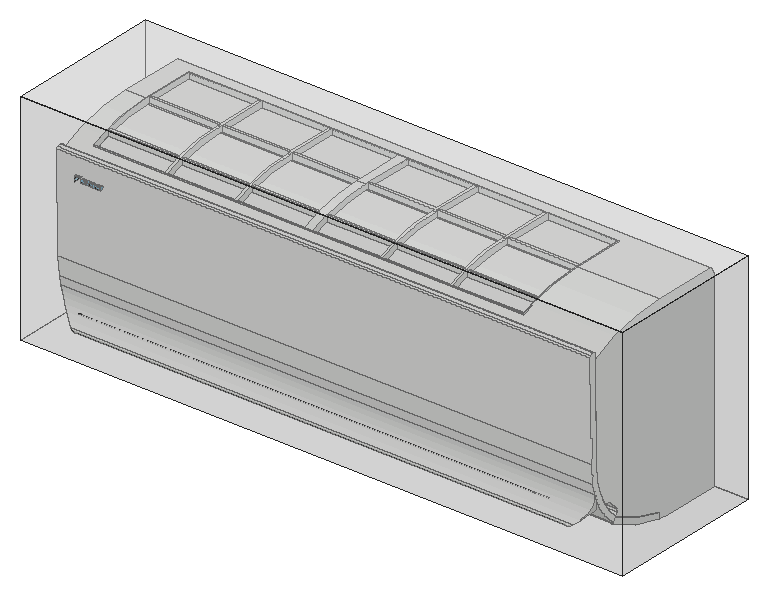
Revit family "outputfile", category 機械設備, Revit 2024
Family settings
  丸型コネクタ寸法 = 半径を使用
  パーツ タイプ = 標準
  OmniClass 番号 = 23.75.10.24.21.27.27
  OmniClass タイトル = Split System Air Conditioning Units
  作業面ベース = いいえ
  常に垂直 = はい
  ロード時にボイドで切り取り = いいえ
  注釈の向きを維持 = いいえ
  共有 = いいえ
  部屋計算ポイント = いいえ
Parameters (values of type "FTKQ24XV2S")
  Description = ""
  製造元 = "Daikin"
  書き出し IFC クラス(タイプ) = "IfcUnitaryEquipmentType"
  定義済み IFC タイプ(タイプ) = "AIRCONDITIONINGUNIT"
  Cost = 0
  モデル = "FTKQ24XV2S"
  Type Comments = ""
  Keynote = ""
  Type Image = (empty or 0)
  Assembly Code = ""
  switch_frequency = yes
  r_Liquid Pipe Size = Liquid Pipe Size / 2  # 3.2 mm
  r_Gas Pipe Size = Gas Pipe Size / 2  # 6.35 mm
  r_Drain Pipe Size = Drain Pipe Size / 2  # 8.0 mm
  lw_powersupply [instance] = if(or(Right Connection_refrigerant, Left Connection_refrigerant), 348.0 mm, if(or(Rear Right Connection_refrigerant, Bottom Right Connection_refrigerant), 30.0 mm, 740.0 mm))  # 348.0 mm
  lw_liquidpipe [instance] = if(or(Right Connection_refrigerant, Left Connection_refrigerant), 433.0 mm, if(or(Rear Right Connection_refrigerant, Bottom Right Connection_refrigerant), 40.0 mm, 730.0 mm))  # 433.0 mm
  lw_gaspipe [instance] = if(or(Right Connection_refrigerant, Left Connection_refrigerant), 393.0 mm, if(or(Rear Right Connection_refrigerant, Bottom Right Connection_refrigerant), 55.0 mm, 715.0 mm))  # 393.0 mm
  lw_drainpipe [instance] = if(or(Right Connection_refrigerant, Left Connection_refrigerant), 488.0 mm, if(or(Rear Right Connection_refrigerant, Bottom Right Connection_refrigerant), 55.0 mm, 715.0 mm))  # 488.0 mm
  l_powersupply_length [instance] = if(Right Connection_refrigerant, 348.0 mm, if(Left Connection_refrigerant, 422.0 mm, if(or(Rear Left Connection_refrigerant, Rear Right Connection_refrigerant), 20.0 mm, 50.0 mm)))  # 348.0 mm
  l_liquidpipe_length [instance] = if(Right Connection_refrigerant, 433.0 mm, if(Left Connection_refrigerant, 337.0 mm, if(or(Rear Left Connection_refrigerant, Rear Right Connection_refrigerant), 40.0 mm, 35.0 mm)))  # 433.0 mm
  l_gaspipe_length [instance] = if(Right Connection_refrigerant, 393.0 mm, if(Left Connection_refrigerant, 377.0 mm, if(or(Rear Left Connection_refrigerant, Rear Right Connection_refrigerant), 40.0 mm, 50.0 mm)))  # 393.0 mm
  l_drainpipe_length [instance] = if(Right Connection_refrigerant, 488.0 mm, if(Left Connection_refrigerant, 282.0 mm, if(or(Rear Left Connection_refrigerant, Rear Right Connection_refrigerant), 20.0 mm, 25.0 mm)))  # 488.0 mm
  h*** = 0.0 mm  # constant formula
  connector_voltage = Voltage_50Hz  # 220 V
  connector_powerinput = [Power Input (Cooling)]  # 0.000 kW
  connector_phase = Phase_50Hz  # 1
  angle_vertical [instance] = if(or(Bottom Left Connection_refrigerant, Bottom Right Connection_refrigerant), 0.00°, 90.00°)  # 90.00°
  angle_horizontal [instance] = if(Right Connection_refrigerant, 90.00°, if(Left Connection_refrigerant, -90.00°, if(or(Rear Left Connection_refrigerant, Rear Right Connection_refrigerant), 180.00°, 0.00°)))  # 90.00°
  Width = 770.0 mm
  Voltage_comment_50Hz = "220 - 240"
  Voltage_50Hz = 220 V
  Version = "ver.1.0"
  Unit Type = "Wall Mounted"
  Unit Mass Weight = 9.00 kg
  Unit Designation [instance] = ""
  Uniclass2015Version = "Products v1.30"
  Uniclass2015Title = "Split coil room air conditioning units"
  Uniclass2015Code = "Pr_70_65_03_86"
  URL = ""
  Total Cooling Capacity [instance] = 0.000 kW
  Sound Pressure Level_M speed (dBA) = 42
  Sound Pressure Level_L speed (dBA) = 37
  Sound Pressure Level_H speed (dBA) = 45
  Sound Power Level_H speed (dB) = 0
  Series = "Single Split_Fan Coil Unit"
  Sensible Cooling Capacity [instance] = 0.000 kW
  Refrigerant Type = "R32"
  Power Input (Cooling) = 0.000 kW
  Phase_50Hz = 1
  Option Accessory 3 [instance] = ""
  Option Accessory 2 [instance] = ""
  Option Accessory 1 [instance] = ""
  Nominal Cooling Capacity = 6.000 kW
  Minimum Circuit Amps_50Hz = 0.0 A
  Minimum Airflow = 588.00 m³/h
  Median Airflow = 690.00 m³/h
  Maximum Fuse Amps_50Hz = 0.0 A
  Maximum Airflow = 816.00 m³/h
  Material_Casing = DAIKIN_PureWhite_Casing_indoorunit
  Load Classification = HVAC
  Liquid Pipe Size = 6.4 mm
  Link_Nested Family [instance] = ""
  IfcVersion = ""
  IfcExportType = "AIRCONDITIONINGUNIT"
  IfcExportAs = "IfcUnitaryEquipmentType"
  Height = 285.0 mm
  Heat Exchanger Type = "Cross Fin Coil"
  Gas Pipe Size = 12.7 mm
  Frequency_50Hz = 50 Hz
  Fan Type = "Cross Flow Fan"
  Fan Drive = "Direct Drive"
  FCU Tag No. [instance] = ""
  Drain Pipe Size = 16.0 mm
  Design Supply Airflow [instance] = 0.00 m³/h
  Depth = 226.0 mm
  既定の高さ = 0.0 mm
  Cooling Entering Wet Bulb Temperature [instance] = 0.00 °C
  Cooling Entering Dry Bulb Temperature [instance] = 0.00 °C
  Cooling Ambient Wet Bulb Temperature [instance] = 0.00 °C
  Cooling Ambient Dry Bulb Temperature [instance] = 0.00 °C
  Clearance visibility [instance] = yes
  Clearance Top = 30.0 mm
  Clearance Right = 50.0 mm
  Clearance Rear = 0.0 mm
  Clearance Left = 50.0 mm
  Clearance Front = 0.0 mm
  Clearance Bottom = 0.0 mm
  Bottom Right Connection_refrigerant [instance] = no
  Bottom Left Connection_refrigerant [instance] = no
  Rear Right Connection_refrigerant [instance] = no
  Rear Left Connection_refrigerant [instance] = no
  Right Connection_refrigerant [instance] = yes
  Left Connection_refrigerant [instance] = no
Reference planes
  plane 1 "Back": y = 0
  plane 2: z = 0
  plane 3 "Center (Left/Right)": x = 0
  plane 4: y = -133
  plane 5: y = -266
  plane 6 "Left": x = -385
  plane 7 "Right": x = 385
  plane 8 "Top": z = 0
  plane 9: y = 0
  plane 10: z = -285
  plane 11 "Clearance Front": y = -226
  plane 12 "Bottom": z = -285
  plane 13: z = -285
  plane 14: z = 30
  plane 15 "Front": y = -226
  plane 16 "Clearance Rear": y = 0
  plane 17: x = -8
  plane 18: x = -48
  plane 19: x = -103
  plane 20: y = -40
  plane 21: y = -20
  plane 22: x = 37
  plane 23: x = -435
  plane 24: x = 435
  plane 25: x = 337
Forms (mm)
  Extrusion 1, solid, material "DAIKIN_PureWhite_Casing_indoorunit" <- "Material_Casing", not visible
    sketch origin (-379, 1296.25, 1210) x (0, 1, 0) y (0, 0, 1)
      loop
        line (-1296.25, -1427) -> (-1326.25, -1427)
        arc (-1326.25, -1427) -> (-1340.393, -1432.858) -> (-1346.25, -1447) r 20
        line (-1346.25, -1447) -> (-1346.25, -1467)
        arc (-1346.25, -1467) -> (-1340.393, -1481.142) -> (-1326.25, -1487) r 20
        line (-1326.25, -1487) -> (-1296.25, -1487) -> (-1296.25, -1427)
    from 759 to 764
  Extrusion 2, solid, material "DAIKIN_PureWhite_Casing_indoorunit" <- "Material_Casing"
    sketch origin (-495, 1156.25, 1200) x (0, 1, 0) y (0, 0, 1)
      loop
        line (-1156.25, -1485) -> (-1156.25, -1208.5) -> (-1161.25, -1200) -> (-1254.25, -1200)
        arc (-1254.25, -1200) -> (-1314.413, -1207.347) -> (-1371.039, -1228.956) r 250
        arc (-1371.039, -1228.956) -> (-1370.963, -1294.87) -> (-1368.901, -1360.751) r 2186.827
        arc (-1368.901, -1360.751) -> (-1367.931, -1373.599) -> (-1366.216, -1386.369) r 221.844
        arc (-1366.216, -1386.369) -> (-1361.341, -1405) -> (-1353.083, -1422.397) r 103
        line (-1353.083, -1422.397) -> (-1345.22, -1422.397)
        arc (-1345.22, -1422.397) -> (-1343.826, -1422.741) -> (-1342.751, -1423.693) r 3
        arc (-1342.751, -1423.693) -> (-1337.001, -1431.196) -> (-1330.533, -1438.09) r 95
        arc (-1330.533, -1438.09) -> (-1329.645, -1439.831) -> (-1330.018, -1441.749) r 3
        line (-1330.018, -1441.749) -> (-1332.498, -1446.044)
        arc (-1332.498, -1446.044) -> (-1295.066, -1463.723) -> (-1255.079, -1474.437) r 231
        arc (-1255.079, -1474.437) -> (-1254.485, -1474.778) -> (-1254.25, -1475.422) r 1
        line (-1254.25, -1475.422) -> (-1254.25, -1483.703)
        arc (-1254.25, -1483.703) -> (-1250.776, -1484.245) -> (-1247.294, -1484.736) r 240
        arc (-1247.294, -1484.736) -> (-1245.313, -1484.934) -> (-1243.323, -1485) r 30
        line (-1243.323, -1485) -> (-1156.25, -1485)
    from 110 to 880
  Extrusion 3, solid, material "DAIKIN_PureWhite_Casing_indoorunit" <- "Material_Casing"
    sketch origin (-622.601, -1524, -230) x (-1, 0, 0) y (0, -1, 0)
      loop
        line (-996.615, -1494) -> (-996.615, -1524) -> (-936.615, -1524) -> (-936.615, -1494)
        arc (-936.615, -1494) -> (-942.473, -1479.858) -> (-956.615, -1474) r 20
        line (-956.615, -1474) -> (-976.615, -1474)
        arc (-976.615, -1474) -> (-990.757, -1479.858) -> (-996.615, -1494) r 20
      loop
        arc (-248.601, -1494) -> (-254.459, -1479.858) -> (-268.601, -1474) r 20
        line (-268.601, -1474) -> (-288.601, -1474)
        arc (-288.601, -1474) -> (-302.743, -1479.858) -> (-308.601, -1494) r 20
        line (-308.601, -1494) -> (-308.601, -1524) -> (-248.601, -1524) -> (-248.601, -1494)
    from -55 to -50
  Extrusion 4, solid, material "DAIKIN_PureWhite_Casing_indoorunit" <- "Material_Casing"
    sketch origin (0, 0, 10) x (1, 0, 0) y (0, 0, 1)
      loop
        circle (337, -250.5) r 32.5
      loop
        circle (-337, -250.5) r 32.5
    from 0 to 5
  Extrusion 5, solid, material "DAIKIN_PureWhite_Casing_indoorunit" <- "Material_Casing"
    sketch origin (489, 1296.25, 1210) x (0, 1, 0) y (0, 0, -1)
      loop
        line (-1296.25, 1427) -> (-1296.25, 1487) -> (-1326.25, 1487)
        arc (-1326.25, 1487) -> (-1340.393, 1481.142) -> (-1346.25, 1467) r 20
        line (-1346.25, 1467) -> (-1346.25, 1447)
        arc (-1346.25, 1447) -> (-1340.393, 1432.858) -> (-1326.25, 1427) r 20
        line (-1326.25, 1427) -> (-1296.25, 1427)
    from 869 to 874
  Extrusion 6, solid, material "DAIKIN_PureWhite_Casing_indoorunit" <- "Material_Casing"
    sketch origin (-385, 1156.25, 1200) x (0, 1, 0) y (0, 0, 1)
      loop
        arc (-1374.103, -1387.706) -> (-1361.832, -1423.213) -> (-1338.419, -1452.594) r 111
        arc (-1338.419, -1452.594) -> (-1337.834, -1452.764) -> (-1337.333, -1452.419) r 0.709
        line (-1337.333, -1452.419) -> (-1334.084, -1446.792)
        arc (-1334.084, -1446.792) -> (-1333.962, -1446.14) -> (-1334.274, -1445.556) r 1
        arc (-1334.274, -1445.556) -> (-1355.212, -1418.643) -> (-1366.216, -1386.369) r 103
        arc (-1366.216, -1386.369) -> (-1367.931, -1373.599) -> (-1368.901, -1360.751) r 221.844
        arc (-1368.901, -1360.751) -> (-1370.989, -1293.222) -> (-1370.99, -1225.661) r 2186.827
        arc (-1370.99, -1225.661) -> (-1370.93, -1221.937) -> (-1370.863, -1218.213) r 2192
        arc (-1370.863, -1218.213) -> (-1371.146, -1217.637) -> (-1371.78, -1217.535) r 0.7
        line (-1371.78, -1217.535) -> (-1377.538, -1219.406)
        arc (-1377.538, -1219.406) -> (-1378.425, -1219.99) -> (-1378.887, -1220.946) r 2
        arc (-1378.887, -1220.946) -> (-1379.035, -1290.894) -> (-1376.907, -1360.81) r 2149.92
        arc (-1376.907, -1360.81) -> (-1375.901, -1374.299) -> (-1374.103, -1387.706) r 229.911
    from 0 to 770
  Extrusion 7, solid, material "DAIKIN_PureWhite_Casing_indoorunit" <- "Material_Casing"
    sketch origin (-385, 1156.25, 1200) x (0, 1, 0) y (0, 0, 1)
      loop
        arc (-1336.569, -1454.09) -> (-1297.525, -1472.406) -> (-1255.834, -1483.439) r 240
        arc (-1255.834, -1483.439) -> (-1255.428, -1483.328) -> (-1255.25, -1482.946) r 0.5
        line (-1255.25, -1482.946) -> (-1255.25, -1475.422)
        arc (-1255.25, -1475.422) -> (-1295.171, -1464.749) -> (-1332.564, -1447.164) r 232
        arc (-1332.564, -1447.164) -> (-1332.945, -1447.112) -> (-1333.249, -1447.346) r 0.5
        line (-1333.249, -1447.346) -> (-1336.741, -1453.393)
        arc (-1336.741, -1453.393) -> (-1336.802, -1453.778) -> (-1336.569, -1454.09) r 0.5
    from 0 to 770
  Extrusion 8, solid, material "DAIKIN_PureWhite_Casing_indoorunit" <- "Material_Casing"
    sketch origin (-385, 1156.25, 1200) x (0, 1, 0) y (0, 0, 1)
      loop
        arc (-1371.046, -1401.088) -> (-1370.514, -1423.975) -> (-1381.552, -1444.032) r 44
        arc (-1381.552, -1444.032) -> (-1382.188, -1446.32) -> (-1380.625, -1448.108) r 2.5
        arc (-1380.625, -1448.108) -> (-1367.897, -1451.601) -> (-1354.751, -1452.778) r 74
        line (-1354.751, -1452.778) -> (-1338.211, -1452.778)
        arc (-1338.211, -1452.778) -> (-1358.264, -1429.242) -> (-1371.046, -1401.088) r 111
    from 0 to 770
  Extrusion 9, solid, material "DAIKIN_PureWhite_Casing_indoorunit" <- "Material_Casing"
    sketch origin (-385, 1156.25, 1200) x (0, 1, 0) y (0, 0, 1)
      loop
        line (-1254.32, -1208) -> (-1177.85, -1208) -> (-1177.85, -1200) -> (-1254.25, -1200)
        arc (-1254.25, -1200) -> (-1302.879, -1204.775) -> (-1349.65, -1218.918) r 250
        line (-1349.65, -1218.918) -> (-1349.65, -1227.568)
        arc (-1349.65, -1227.568) -> (-1302.979, -1212.942) -> (-1254.32, -1208) r 242
    from 29.359 to 650.764
  Extrusion 10, void
    sketch origin (-385, 1156.25, 1200) x (0, 1, 0) y (0, 0, 1)
      loop
        line (-1349.65, -1215.676) -> (-1349.65, -1227.568)
        arc (-1349.65, -1227.568) -> (-1302.979, -1212.942) -> (-1254.32, -1208) r 242
        line (-1254.32, -1208) -> (-1177.85, -1208) -> (-1177.85, -1197) -> (-1254.25, -1197)
        arc (-1254.25, -1197) -> (-1302.856, -1201.713) -> (-1349.65, -1215.676) r 253
    from 29.359 to 650.764
  Extrusion 11, void
    sketch origin (-610.615, -1524, -240) x (-1, 0, 0) y (0, -1, 0)
      loop
        line (-255.68, -1501.684) -> (-255.68, -1432.659) -> (-357.948, -1432.659) -> (-357.948, -1501.684) -> (-255.68, -1501.684)
      loop
        line (-361.28, -1501.684) -> (-361.28, -1432.659) -> (-459.048, -1432.659) -> (-459.048, -1501.684) -> (-361.28, -1501.684)
      loop
        line (-255.68, -1429.341) -> (-255.68, -1358.741) -> (-357.948, -1358.741) -> (-357.948, -1429.341) -> (-255.68, -1429.341)
      loop
        line (-255.68, -1356.618) -> (-255.68, -1331.319) -> (-357.948, -1331.319) -> (-357.948, -1356.618) -> (-255.68, -1356.618)
      loop
        line (-361.274, -1429.341) -> (-361.274, -1358.741) -> (-459.048, -1358.741) -> (-459.048, -1429.341) -> (-361.274, -1429.341)
      loop
        line (-361.274, -1356.618) -> (-361.274, -1331.319) -> (-459.048, -1331.319) -> (-459.048, -1356.618) -> (-361.274, -1356.618)
      loop
        line (-462.312, -1501.684) -> (-462.312, -1432.659) -> (-559.622, -1432.659) -> (-559.622, -1501.684) -> (-462.312, -1501.684)
      loop
        line (-462.306, -1429.341) -> (-462.306, -1358.741) -> (-559.622, -1358.741) -> (-559.622, -1429.341) -> (-462.306, -1429.341)
      loop
        line (-462.306, -1356.618) -> (-462.306, -1331.319) -> (-559.622, -1331.319) -> (-559.622, -1356.618) -> (-462.306, -1356.618)
      loop
        line (-571.622, -1501.684) -> (-571.622, -1432.659) -> (-668.931, -1432.659) -> (-668.931, -1501.684) -> (-571.622, -1501.684)
      loop
        line (-672.311, -1501.684) -> (-672.311, -1432.659) -> (-770.079, -1432.659) -> (-770.079, -1501.684) -> (-672.311, -1501.684)
      loop
        line (-571.622, -1429.341) -> (-571.622, -1358.741) -> (-668.925, -1358.741) -> (-668.925, -1429.341) -> (-571.622, -1429.341)
      loop
        line (-571.622, -1356.618) -> (-571.622, -1331.319) -> (-668.925, -1331.319) -> (-668.925, -1356.618) -> (-571.622, -1356.618)
      loop
        line (-672.311, -1429.341) -> (-672.311, -1358.741) -> (-770.079, -1358.741) -> (-770.079, -1429.341) -> (-672.311, -1429.341)
      loop
        line (-672.311, -1356.618) -> (-672.311, -1331.319) -> (-770.079, -1331.319) -> (-770.079, -1356.618) -> (-672.311, -1356.618)
      loop
        line (-773.411, -1501.684) -> (-773.411, -1432.659) -> (-875.679, -1432.659) -> (-875.679, -1501.684) -> (-773.411, -1501.684)
      loop
        line (-773.411, -1429.341) -> (-773.411, -1358.741) -> (-875.679, -1358.741) -> (-875.679, -1429.341) -> (-773.411, -1429.341)
      loop
        line (-773.411, -1356.618) -> (-773.411, -1331.319) -> (-875.679, -1331.319) -> (-875.679, -1356.618) -> (-773.411, -1356.618)
    from 208.902 to 245
  Extrusion 12, void
    sketch origin (-385, 1156.25, 1200) x (0, 1, 0) y (0, 0, 1)
      loop
        arc (-1339.36, -1455.929) -> (-1309.531, -1470.929) -> (-1277.928, -1481.699) r 243
        line (-1277.928, -1481.699) -> (-1275.103, -1471.068)
        arc (-1275.103, -1471.068) -> (-1305.332, -1460.762) -> (-1333.859, -1446.402) r 232
        line (-1333.859, -1446.402) -> (-1339.36, -1455.929)
    from 47 to 652
  Extrusion 13, solid, material "DAIKIN_PureWhite_Casing_indoorunit" <- "Material_Casing"
    sketch origin (-385, 1156.25, 1200) x (0, 1, 0) y (0, 0, 1)
      loop
        arc (-1336.998, -1453.838) -> (-1307.924, -1468.349) -> (-1277.157, -1478.8) r 240
        line (-1277.157, -1478.8) -> (-1275.103, -1471.068)
        arc (-1275.103, -1471.068) -> (-1304.871, -1460.955) -> (-1332.998, -1446.91) r 232
        line (-1332.998, -1446.91) -> (-1336.998, -1453.838)
    from 52.507 to 648.507
  Extrusion 14, void
    sketch origin (0, 0, 0) x (1, 0, 0) y (0, 0, 1)
      loop
        line (-395, -201.088) -> (-395, -259.424) -> (-333.271, -259.424) -> (-333.271, -252.778)
        arc (-333.271, -252.778) -> (-369.835, -237.641) -> (-385, -201.088) r 51.729
        line (-385, -201.088) -> (-395, -201.088)
    from 118.853 to 250
  Extrusion 15, void
    sketch origin (0, 0, 0) x (1, 0, 0) y (0, 0, 1)
      loop
        arc (385, -200.608) -> (369.72, -237.498) -> (332.829, -252.778) r 52.171
        line (332.829, -252.778) -> (332.829, -262.778) -> (392.829, -262.778) -> (392.829, -192.778) -> (385, -192.778) -> (385, -200.608)
    from 140.894 to 250
Cuts and joins
  Extrusion 10 cuts Extrusion 2
  Extrusion 11 cuts Extrusion 9
  Extrusion 12 cuts Extrusion 7
  Extrusion 14, Extrusion 15 cuts Extrusion 8
Lines and regions (mm)
  reference lines
    curve 1: line (-395.5, -222.696, -45.45) -> (-395.5, -222.696, -55.45)
Dimensions and locks
  equal spacing: plane 6 "Left", plane 3 "Center (Left/Right)", plane 7 "Right"
  "Width": plane 6 "Left" to plane 7 "Right"
  level to plane 10 = 285.0 mm
  locked: Extrusion 4 sketch curve to plane 6 "Left" at 48
  locked: plane 7 "Right" to Extrusion 4 sketch curve at 48
  locked: plane 8 "Top" to Extrusion 4 sketch curve at 240.5  (x2)
  locked: plane 6 "Left" to Extrusion 3 sketch curve at 11
  locked: Extrusion 3 sketch curve to Extrusion 3 sketch curve at 60  (x2)
  locked: Extrusion 3 sketch curve to plane 7 "Right" at 10.986
  "Height": plane 8 "Top" to plane 12 "Bottom"
  "Clearance Top": plane 14 to plane 8 "Top"
  "Clearance Bottom": plane 12 "Bottom" to plane 13
  "Depth": plane 15 "Front" to plane 1 "Back"
  "Clearance Front": plane 15 "Front" to plane 11 "Clearance Front"
  "Clearance Rear": plane 16 "Clearance Rear" to plane 1 "Back"
  locked: plane 1 "Back" to plane 20 at 40
  locked: plane 1 "Back" to plane 21 at 20
  "Clearance Left": plane 23 to plane 6 "Left"
  "Clearance Right": plane 7 "Right" to plane 24
  "lw_powersupply": plane 22 to plane 7 "Right"
  locked: plane 25 to plane 7 "Right" at 48
  "lw_gaspipe": plane 17 to plane 7 "Right"
  "lw_liquidpipe": plane 18 to plane 7 "Right"
  "lw_drainpipe": plane 19 to plane 7 "Right"
  aligned and locked: level to plane 2
  aligned and locked: nested 2 to curve 1
  aligned and locked: plane 7 "Right" to Extrusion 1
  aligned and locked: plane 19 to nested 3
  aligned and locked: plane 18 to nested 4
  aligned and locked: plane 22 to nested 5
  aligned and locked: plane 17 to nested 6
  aligned and locked: nested 6 to plane 20
  aligned and locked: nested 4 to plane 20
  aligned and locked: nested 3 to plane 21
  aligned and locked: nested 5 to plane 21
  aligned and locked: nested 1 to plane 16 "Clearance Rear"
  aligned and locked: plane 11 "Clearance Front" to nested 1
  aligned and locked: nested 1 to plane 13
  aligned and locked: nested 1 to plane 14
  aligned and locked: nested 1 to plane 23
  aligned and locked: plane 24 to nested 1
Automatic sketch dimensions
  Extrusion 1 sketch curve to plane 1 "Back" = 0.0 mm
  plane 1 "Back" to Extrusion 1 sketch curve = 30.0 mm  (x2)
  Extrusion 1 sketch curve to Extrusion 1 sketch curve = 20.0 mm  (x2)
  Extrusion 1 sketch curve to level = 277.0 mm
  Extrusion 2 sketch curve to Extrusion 2 sketch curve = 0.0 mm  (x8)
  Extrusion 2 sketch curve to level = 0.0 mm
  Extrusion 2 sketch curve to plane 10 = 0.0 mm
  Extrusion 2 sketch curve to plane 1 "Back" = 0.0 mm
  plane 1 "Back" to Extrusion 2 sketch curve = 5.0 mm
  plane 1 "Back" to Extrusion 2 sketch curve = 59.278 mm
  plane 4 to Extrusion 2 sketch curve = 45.927 mm
  plane 10 to Extrusion 2 sketch curve = 1.297 mm
  Extrusion 2 sketch curve to Extrusion 2 sketch curve = 10.927 mm
  plane 4 to Extrusion 2 sketch curve = 35.0 mm
  Extrusion 2 sketch curve to Extrusion 2 sketch curve = 1.0 mm
  plane 4 to Extrusion 2 sketch curve = 24.681 mm
  Extrusion 2 sketch curve to plane 4 = 40.768 mm
  Extrusion 2 sketch curve to Extrusion 2 sketch curve = 2.48 mm
  Extrusion 2 sketch curve to Extrusion 2 sketch curve = 2.598 mm
  Extrusion 2 sketch curve to Extrusion 2 sketch curve = 12.604 mm
  Extrusion 2 sketch curve to Extrusion 2 sketch curve = 7.862 mm
  Extrusion 2 sketch curve to plane 1 "Back" = 8.955 mm
  Extrusion 2 sketch curve to level = 59.408 mm
  Extrusion 2 sketch curve to Extrusion 2 sketch curve = 1962.872 mm
  Extrusion 2 sketch curve to Extrusion 2 sketch curve = 8.281 mm
  Extrusion 2 sketch curve to Extrusion 2 sketch curve = 20.422 mm
  Extrusion 2 sketch curve to Extrusion 2 sketch curve = 5.0 mm
  plane 10 to Extrusion 2 sketch curve = 38.956 mm
  Extrusion 2 sketch curve to Extrusion 2 sketch curve = 4.295 mm
  Extrusion 2 sketch curve to Extrusion 2 sketch curve = 1.5 mm
  Extrusion 2 sketch curve to Extrusion 2 sketch curve = 14.851 mm
  Extrusion 2 sketch curve to Extrusion 2 sketch curve = 3.0 mm
  Extrusion 2 sketch curve to Extrusion 2 sketch curve = 80.275 mm
  Extrusion 2 sketch curve to Extrusion 2 sketch curve = 19.254 mm
  Extrusion 2 sketch curve to level = 46.847 mm
  Extrusion 2 sketch curve to level = 8.5 mm
  Extrusion 2 sketch curve to Extrusion 2 sketch curve = 13.133 mm
  plane 1 "Back" to Extrusion 3 sketch curve = 0.0 mm  (x2)
  Extrusion 3 sketch curve to Extrusion 3 sketch curve = 20.0 mm  (x4)
  plane 1 "Back" to Extrusion 3 sketch curve = 30.0 mm  (x2)
  Extrusion 5 sketch curve to plane 1 "Back" = 0.0 mm
  plane 1 "Back" to Extrusion 5 sketch curve = 30.0 mm  (x2)
  Extrusion 5 sketch curve to Extrusion 5 sketch curve = 20.0 mm  (x2)
  Extrusion 5 sketch curve to level = 217.0 mm
  Extrusion 6 sketch curve to Extrusion 6 sketch curve = 0.0 mm  (x5)
  Extrusion 6 sketch curve to level = 19.406 mm
  Extrusion 6 sketch curve to Extrusion 6 sketch curve = 1.349 mm
  Extrusion 6 sketch curve to Extrusion 6 sketch curve = 0.618 mm
  Extrusion 6 sketch curve to level = 17.535 mm
  Extrusion 6 sketch curve to Extrusion 6 sketch curve = 5.759 mm
  Extrusion 6 sketch curve to Extrusion 6 sketch curve = 0.217 mm
  Extrusion 6 sketch curve to plane 4 = 48.697 mm
  Extrusion 6 sketch curve to Extrusion 6 sketch curve = 0.614 mm
  Extrusion 6 sketch curve to Extrusion 6 sketch curve = 2.997 mm
  Extrusion 6 sketch curve to Extrusion 6 sketch curve = 0.866 mm
  plane 4 to Extrusion 6 sketch curve = 24.681 mm
  Extrusion 6 sketch curve to plane 1 "Back" = 8.955 mm
  Extrusion 6 sketch curve to Extrusion 6 sketch curve = 0.067 mm
  Extrusion 6 sketch curve to level = 60.455 mm
  Extrusion 6 sketch curve to Extrusion 6 sketch curve = 44.907 mm
  Extrusion 6 sketch curve to Extrusion 6 sketch curve = 5.173 mm
  Extrusion 6 sketch curve to level = 150.462 mm
  Extrusion 6 sketch curve to Extrusion 6 sketch curve = 0.008 mm
  Extrusion 6 sketch curve to Extrusion 6 sketch curve = 19.254 mm
  Extrusion 6 sketch curve to Extrusion 6 sketch curve = 76.567 mm
  Extrusion 6 sketch curve to Extrusion 6 sketch curve = 0.5 mm
  Extrusion 6 sketch curve to Extrusion 6 sketch curve = 5.772 mm
  Extrusion 6 sketch curve to Extrusion 6 sketch curve = 1.017 mm
  Extrusion 6 sketch curve to Extrusion 6 sketch curve = 0.03 mm
  Extrusion 6 sketch curve to Extrusion 6 sketch curve = 0.665 mm
  plane 5 to Extrusion 6 sketch curve = 45.344 mm
  Extrusion 6 sketch curve to Extrusion 6 sketch curve = 5.93 mm
  Extrusion 6 sketch curve to Extrusion 6 sketch curve = 7.888 mm
  Extrusion 7 sketch curve to plane 4 = 47.49 mm
  Extrusion 7 sketch curve to Extrusion 7 sketch curve = 0.424 mm
  Extrusion 7 sketch curve to Extrusion 7 sketch curve = 3.491 mm
  Extrusion 7 sketch curve to Extrusion 7 sketch curve = 0.433 mm
  plane 4 to Extrusion 7 sketch curve = 33.5 mm
  Extrusion 7 sketch curve to Extrusion 7 sketch curve = 0.5 mm
  plane 1 "Back" to Extrusion 7 sketch curve = 59.278 mm
  Extrusion 7 sketch curve to Extrusion 7 sketch curve = 0.0 mm  (x4)
  Extrusion 7 sketch curve to level = 282.946 mm
  Extrusion 7 sketch curve to Extrusion 7 sketch curve = 7.524 mm
  Extrusion 7 sketch curve to Extrusion 7 sketch curve = 21.764 mm
  Extrusion 7 sketch curve to Extrusion 7 sketch curve = 0.265 mm
  Extrusion 7 sketch curve to Extrusion 7 sketch curve = 6.062 mm
  Extrusion 7 sketch curve to Extrusion 7 sketch curve = 0.25 mm
  Extrusion 7 sketch curve to level = 46.848 mm
  Extrusion 7 sketch curve to Extrusion 7 sketch curve = 0.084 mm
  plane 5 to Extrusion 8 sketch curve = 8.997 mm
  plane 5 to Extrusion 8 sketch curve = 42.5 mm
  Extrusion 8 sketch curve to Extrusion 8 sketch curve = 25.0 mm
  Extrusion 8 sketch curve to Extrusion 8 sketch curve = 16.54 mm
  plane 4 to Extrusion 8 sketch curve = 24.681 mm
  Extrusion 8 sketch curve to level = 252.778 mm
  Extrusion 8 sketch curve to Extrusion 8 sketch curve = 7.013 mm
  Extrusion 8 sketch curve to Extrusion 8 sketch curve = 32.246 mm
  Extrusion 8 sketch curve to Extrusion 8 sketch curve = 34.741 mm
  Extrusion 8 sketch curve to Extrusion 8 sketch curve = 9.054 mm
  Extrusion 8 sketch curve to Extrusion 8 sketch curve = 1.801 mm
  Extrusion 8 sketch curve to Extrusion 8 sketch curve = 0.0 mm  (x2)
  Extrusion 8 sketch curve to Extrusion 8 sketch curve = 16.296 mm
  Extrusion 9 sketch curve to level = 0.0 mm
  Extrusion 9 sketch curve to level = 18.918 mm
  Extrusion 9 sketch curve to plane 4 = 60.4 mm
  Extrusion 9 sketch curve to level = 8.0 mm
  plane 4 to Extrusion 9 sketch curve = 34.93 mm
  Extrusion 9 sketch curve to Extrusion 9 sketch curve = 0.07 mm
  plane 1 "Back" to Extrusion 9 sketch curve = 21.6 mm
  Extrusion 9 sketch curve to Extrusion 9 sketch curve = 0.0 mm
  Extrusion 10 sketch curve to level = 27.568 mm
  Extrusion 10 sketch curve to plane 4 = 60.4 mm
  plane 4 to Extrusion 10 sketch curve = 34.93 mm
  level to Extrusion 10 sketch curve = 3.0 mm
  Extrusion 10 sketch curve to Extrusion 10 sketch curve = 0.07 mm
  plane 1 "Back" to Extrusion 10 sketch curve = 21.6 mm
  Extrusion 10 sketch curve to Extrusion 10 sketch curve = 222.432 mm
  Extrusion 10 sketch curve to Extrusion 10 sketch curve = 0.0 mm
  plane 4 to Extrusion 11 sketch curve = 38.341 mm
  Extrusion 11 sketch curve to plane 7 "Right" = 119.936 mm
  Extrusion 11 sketch curve to Extrusion 11 sketch curve = 0.0 mm  (x22)
  plane 1 "Back" to Extrusion 11 sketch curve = 22.316 mm  (x3)
  Extrusion 11 sketch curve to Extrusion 11 sketch curve = 102.268 mm
  Extrusion 11 sketch curve to Extrusion 11 sketch curve = 3.332 mm  (x3)
  plane 3 "Center (Left/Right)" to Extrusion 11 sketch curve = 61.696 mm  (x2)
  Extrusion 11 sketch curve to Extrusion 11 sketch curve = 3.38 mm
  Extrusion 11 sketch curve to Extrusion 11 sketch curve = 3.386 mm
  Extrusion 11 sketch curve to Extrusion 11 sketch curve = 0.006 mm  (x3)
  Extrusion 11 sketch curve to plane 3 "Center (Left/Right)" = 38.993 mm  (x2)
  Extrusion 11 sketch curve to Extrusion 11 sketch curve = 12.0 mm  (x2)
  plane 4 to Extrusion 11 sketch curve = 41.659 mm  (x3)
  Extrusion 11 sketch curve to Extrusion 11 sketch curve = 97.309 mm
  Extrusion 11 sketch curve to plane 4 = 32.259 mm  (x4)
  Extrusion 11 sketch curve to Extrusion 11 sketch curve = 3.264 mm
  Extrusion 11 sketch curve to Extrusion 11 sketch curve = 3.258 mm  (x2)
  Extrusion 11 sketch curve to Extrusion 11 sketch curve = 97.768 mm
  Extrusion 11 sketch curve to Extrusion 11 sketch curve = 3.326 mm
  plane 6 "Left" to Extrusion 11 sketch curve = 30.066 mm
  Extrusion 11 sketch curve to Extrusion 11 sketch curve = 3.317 mm  (x5)
  Extrusion 11 sketch curve to Extrusion 11 sketch curve = 2.124 mm  (x6)
  Extrusion 11 sketch curve to Extrusion 11 sketch curve = 25.299 mm  (x5)
  plane 4 to Extrusion 12 sketch curve = 11.323 mm
  Extrusion 12 sketch curve to Extrusion 12 sketch curve = 2.825 mm
  Extrusion 12 sketch curve to Extrusion 12 sketch curve = 0.0 mm  (x2)
  Extrusion 12 sketch curve to level = 281.699 mm
  Extrusion 12 sketch curve to Extrusion 12 sketch curve = 10.631 mm
  Extrusion 13 sketch curve to plane 4 = 47.748 mm
  Extrusion 13 sketch curve to Extrusion 13 sketch curve = 4.0 mm
  plane 4 to Extrusion 13 sketch curve = 12.093 mm
  Extrusion 13 sketch curve to Extrusion 13 sketch curve = 2.054 mm
  plane 1 "Back" to Extrusion 13 sketch curve = 59.278 mm
  Extrusion 13 sketch curve to Extrusion 13 sketch curve = 0.0 mm
  Extrusion 13 sketch curve to level = 278.8 mm
  Extrusion 13 sketch curve to Extrusion 13 sketch curve = 7.732 mm
  Extrusion 13 sketch curve to Extrusion 13 sketch curve = 17.23 mm
  Extrusion 13 sketch curve to Extrusion 13 sketch curve = 6.928 mm
  Extrusion 12 sketch curve to plane 4 = 50.109 mm
  plane 1 "Back" to Extrusion 12 sketch curve = 59.278 mm
  Extrusion 12 sketch curve to Extrusion 12 sketch curve = 15.14 mm
  Extrusion 12 sketch curve to Extrusion 12 sketch curve = 5.5 mm
  Extrusion 14 sketch curve to plane 6 "Left" = 10.0 mm
  plane 6 "Left" to Extrusion 14 sketch curve = 0.0 mm
  plane 7 "Right" to Extrusion 15 sketch curve = 7.829 mm
  Extrusion 15 sketch curve to plane 7 "Right" = 0.0 mm
  Extrusion 6 sketch curve to plane 4 = 87.67 mm
  Extrusion 6 sketch curve to Extrusion 6 sketch curve = 1.902 mm
  Extrusion 6 sketch curve to Extrusion 6 sketch curve = 2.804 mm
  plane 6 "Left" to Extrusion 14 sketch curve = 51.729 mm
  Extrusion 14 sketch curve to Extrusion 14 sketch curve = 6.646 mm
  Extrusion 15 sketch curve to Extrusion 15 sketch curve = 10.0 mm
  Extrusion 14 sketch curve to level = 259.424 mm
  Extrusion 14 sketch curve to Extrusion 14 sketch curve = 58.337 mm
  Extrusion 15 sketch curve to plane 7 "Right" = 52.171 mm
  Extrusion 15 sketch curve to level = 262.778 mm
  Extrusion 15 sketch curve to Extrusion 15 sketch curve = 7.829 mm
  plane 5 to curve 1 = 43.304 mm
  curve 1 to level = 55.45 mm
  curve 1 to curve 1 = 10.0 mm
  radius of Extrusion 4 sketch curve = 32.5 mm  (x2)
Nested families
  nested 1: "daikin_clearancespace" at (0, -113, -127.381), show <- "Clearance visibility", visible <- "Clearance visibility", Link_Nested Family <- "Link_Nested Family", type "daikin_clearancespace"
    with width 870.0 mm, show yes, height 315.0 mm, depth 226.0 mm, Link_Nested Family ""
  nested 2: "daikin_logo_plane_w40" at (-338, -222.696, -45) x (1, 0, 0) z (0, -1, 0), type "daikin_logo_plane_w40"
    with show_logo yes
  nested 3: "daikin_connector_rotate3" at (-103, -20, -260), angle_vertical <- "angle_vertical", angle_horizontal <- "angle_horizontal", length <- "l_drainpipe_length", radius <- "r_Drain Pipe Size", type "daikin_connector_rotate3"
    with show no, radius 8.0 mm, length 488.0 mm, angle_vertical 90.00°, angle_horizontal 90.00°
  nested 4: "daikin_connector_rotate3" at (-48, -40, -250), angle_vertical <- "angle_vertical", angle_horizontal <- "angle_horizontal", length <- "l_liquidpipe_length", radius <- "r_Liquid Pipe Size", type "daikin_connector_rotate3"
    with show no, radius 3.2 mm, length 433.0 mm, angle_vertical 90.00°, angle_horizontal 90.00°
  nested 5: "daikin_connector_rotate3" at (37, -20, -235), angle_vertical <- "angle_vertical", angle_horizontal <- "angle_horizontal", length <- "l_powersupply_length", type "daikin_connector_rotate3"
    with show no, radius 10.0 mm, length 348.0 mm, angle_vertical 90.00°, angle_horizontal 90.00°
  nested 6: "daikin_connector_rotate3" at (-8, -40, -235), angle_vertical <- "angle_vertical", angle_horizontal <- "angle_horizontal", length <- "l_gaspipe_length", radius <- "r_Gas Pipe Size", type "daikin_connector_rotate3"
    with show no, radius 6.35 mm, length 393.0 mm, angle_vertical 90.00°, angle_horizontal 90.00°
Connectors
  electrical at (385, -20, -235), driven by "Load Classification", driven by "connector_voltage", driven by "connector_phase", driven by "connector_powerinput"
    settings: on nested 5, index 1, voltage 220 V, apparent load 0 VA, apparent load phase1 0 VA, apparent load phase2 0 VA, apparent load phase3 0 VA, power factor 1, load classification "HVAC", number of poles 1, system type 30, power factor state 1, is connector primary yes, connector utility no, sub classification motor no, connector description "Power Supply"
  piping at (385, -20, -260), diameter 16, driven by "r_Drain Pipe Size"
    settings: on nested 3, index 2, connector inside diameter 609.6 mm, connector length 0.0 mm, flow factor 0, pipe flow 0.00 m³/h, pressure drop 0.0 Pa, fitting loss kfactor 0, connector angle 0.00°, fixture units 0, engagement length 0.0 mm, angle of deflection 0.00°, flow configuration 1, flow direction 2, fitting loss method 4, system type 16, joint type 0, gender type 0, connector reference index -1, connector utility 0, adjustable connector no, is connector primary yes, connector description "Condensate Drain Piping"
  piping at (385, -40, -235), diameter 12.7, driven by "r_Gas Pipe Size"
    settings: on nested 6, index 3, connector inside diameter 609.6 mm, connector length 0.0 mm, flow factor 0, pipe flow 0.00 m³/h, pressure drop 0.0 Pa, fitting loss kfactor 0, connector angle 0.00°, fixture units 0, engagement length 0.0 mm, angle of deflection 0.00°, flow configuration 1, flow direction 2, fitting loss method 0, system type 29, joint type 0, gender type 0, connector reference index -1, connector utility 0, adjustable connector no, is connector primary no, connector description "Refrigerant Gas Piping"
  piping at (385, -40, -250), diameter 6.4, driven by "r_Liquid Pipe Size"
    settings: on nested 4, index 4, connector inside diameter 609.6 mm, connector length 0.0 mm, flow factor 0, pipe flow 0.00 m³/h, pressure drop 0.0 Pa, fitting loss kfactor 0, connector angle 0.00°, fixture units 0, engagement length 0.0 mm, angle of deflection 0.00°, flow configuration 1, flow direction 1, fitting loss method 0, system type 29, joint type 0, gender type 0, connector reference index -1, connector utility 0, adjustable connector no, is connector primary no, connector description "Refrigerant Liquid Piping"
Definition of nested family "daikin_clearancespace"
  Parameters (values of type "daikin_clearancespace")
    Description = "daikin_clearancespace"
    width [instance] = 1823.963 mm
    show [instance] = yes
    material = none
    height [instance] = 1359.762 mm
    depth [instance] = 880.0 mm
    Default Elevation = 0.0 mm
    Link_Nested Family [instance] = ""
  Reference planes
    plane 1 "Center (Front/Back)": y = 0
    plane 2 "Center (Elevation)": z = -0.119
    plane 3 "Center (Left/Right)": x = 0
    plane 4: y = 440
    plane 5: y = -440
    plane 6 "Right": x = 911.982
    plane 7 "Left": x = -911.982
    plane 8 "Top": z = 679.762
    plane 9 "Bottom": z = -680
  Forms (mm)
    Extrusion 1, solid, material <- "material", visible <- "show"
      sketch origin (0, 0, 0) x (1, 0, 0) y (0, 1, 0)
        loop
          line (-911.982, 440) -> (-911.982, -440) -> (911.982, -440) -> (911.982, 440) -> (-911.982, 440)
      from -680 to 679.762
  Lines and regions (mm)
    symbolic lines, visible <- "show"
      curve 1: line (911.982, 440, 0) -> (-911.982, 440, 0)
      curve 2: line (-911.982, 440, 0) -> (-911.982, -440, 0)
      curve 3: line (-911.982, -440, 0) -> (911.982, -440, 0)
      curve 4: line (911.982, -440, 0) -> (911.982, 440, 0)
      curve 5: line (911.982, 0, 679.762) -> (-911.982, 0, 679.762)
      curve 6: line (911.982, 0, -680) -> (911.982, 0, 679.762)
      curve 7: line (-911.982, 0, -680) -> (911.982, 0, -680)
      curve 8: line (-911.982, 0, 679.762) -> (-911.982, 0, -680)
      curve 9: line (0, 440, 679.762) -> (0, -440, 679.762)
      curve 10: line (0, -440, 679.762) -> (0, -440, -680)
      curve 11: line (0, 440, -680) -> (0, 440, 679.762)
      curve 12: line (0, -440, -680) -> (0, 440, -680)
  Dimensions and locks
    "width": plane 7 "Left" to plane 6 "Right"
    "depth": plane 4 to plane 5
    "height": plane 8 "Top" to plane 9 "Bottom"
    equal spacing: plane 7 "Left", plane 3 "Center (Left/Right)", plane 6 "Right"
    equal spacing: plane 4, plane 1 "Center (Front/Back)", plane 5
    equal spacing: plane 8 "Top", plane 2 "Center (Elevation)", plane 9 "Bottom"
    aligned and locked: level to plane 2 "Center (Elevation)"
    aligned and locked: Extrusion 1 sketch curve to plane 4
    aligned and locked: plane 7 "Left" to Extrusion 1 sketch curve
    aligned and locked: Extrusion 1 sketch curve to plane 5
    aligned and locked: Extrusion 1 sketch curve to plane 6 "Right"
    aligned and locked: plane 8 "Top" to Extrusion 1
    aligned and locked: curve 1 to Extrusion 1
    aligned and locked: curve 2 to Extrusion 1
    aligned and locked: curve 3 to Extrusion 1
    aligned and locked: curve 4 to Extrusion 1
    aligned and locked: curve 5 to Extrusion 1
    aligned and locked: curve 6 to Extrusion 1
    aligned and locked: curve 7 to Extrusion 1
    aligned and locked: curve 8 to Extrusion 1
    aligned and locked: curve 9 to Extrusion 1
    aligned and locked: curve 10 to Extrusion 1
    aligned and locked: curve 11 to Extrusion 1
    aligned and locked: curve 12 to Extrusion 1
    aligned and locked: Extrusion 1 to plane 9 "Bottom"
Definition of nested family "daikin_logo_plane_w40"
  Parameters (values of type "daikin_logo_plane_w40")
    width = 40.0 mm
    show_logo [instance] = yes
    material = none
    height = 0.0 mm
    depth = 0.0 mm
    Default Elevation = 1219.2 mm
  Reference planes
    plane 1 "Center (Front/Back)": y = 0
    plane 2: z = 0
    plane 3 "Center (Left/Right)": x = 0
    plane 4: z = 2
    plane 5 "left": x = -19
    plane 6: x = 19
  Forms (mm)
    Extrusion 1, solid, visible <- "show_logo"
      sketch origin (-19, 0, 0) x (1, 0, 0) y (0, 1, 0)
        loop
          line (8.902, -1.878) -> (7.789, -6.332) -> (11.13, -6.332)
          arc (11.13, -6.332) -> (12.454, -6.064) -> (13.472, -5.176) r 2.642
          arc (13.472, -5.176) -> (13.92, -4.02) -> (13.767, -2.79) r 2.537
          arc (13.767, -2.79) -> (13.452, -2.342) -> (12.982, -2.06) r 1.321
          arc (12.982, -2.06) -> (12.063, -1.902) -> (11.13, -1.878) r 6.479
          line (11.13, -1.878) -> (8.902, -1.878)
        loop
          line (10.016, -5.441) -> (10.907, -5.441)
          arc (10.907, -5.441) -> (11.591, -4.983) -> (11.988, -4.261) r 1.742
          spline (11.988, -4.261) -> (12.01, -4.155) -> (12.027, -4.03) -> (12.037, -3.893) -> (12.037, -3.747) -> (12.026, -3.598) -> (12.002, -3.451) -> (11.962, -3.31) -> (11.905, -3.181) -> (11.829, -3.069) -> (11.731, -2.978) -> (11.61, -2.913) -> (11.464, -2.88)
          line (11.464, -2.88) -> (10.573, -2.88) -> (10.016, -5.441)
        loop
          line (13.58, -6.332) -> (14.805, -6.332) -> (15.223, -5.553) -> (16.977, -5.553) -> (17.144, -6.332) -> (19.149, -6.332) -> (18.258, -1.878) -> (16.03, -1.878) -> (13.58, -6.332)
        loop
          line (16.476, -3.214) -> (15.76, -4.551) -> (16.762, -4.551) -> (16.476, -3.214)
        loop
          line (19.705, -6.332) -> (21.599, -6.332) -> (22.712, -1.878) -> (20.819, -1.878) -> (19.705, -6.332)
        loop
          line (22.712, -6.332) -> (24.606, -6.332) -> (24.908, -5.122) -> (25.831, -6.332) -> (28.17, -6.332) -> (26.388, -3.994) -> (28.949, -1.878) -> (26.945, -1.878) -> (25.401, -3.153) -> (25.719, -1.878) -> (23.826, -1.878) -> (22.712, -6.332)
        loop
          line (29.84, -1.878) -> (28.615, -6.332) -> (30.62, -6.332) -> (31.734, -1.878) -> (29.84, -1.878)
        loop
          line (31.734, -6.332) -> (33.07, -6.332) -> (33.7, -3.814) -> (34.518, -6.332) -> (36.745, -6.332) -> (37.859, -1.878) -> (36.523, -1.878) -> (35.845, -4.589) -> (34.963, -1.878) -> (32.847, -1.878) -> (31.734, -6.332)
      from 0 to 2
    Extrusion 2, solid, visible <- "show_logo"
      sketch origin (-19, 0, 0) x (1, 0, 0) y (0, 1, 0)
        loop
          line (8.7, 0) -> (4.235, 0) -> (0, -3.879) -> (0, -8) -> (8.7, 0)
      from 0 to 2
    Extrusion 3, solid, visible <- "show_logo"
      sketch origin (-19, 0, 0) x (1, 0, 0) y (0, 1, 0)
        loop
          line (0, 0) -> (0, -3.879) -> (4.235, 0) -> (0, 0)
      from 0 to 2
  Dimensions and locks
    plane 4 to plane 2 = 2.0 mm
    equal spacing: plane 5 "left", plane 3 "Center (Left/Right)", plane 6
    locked: plane 5 "left" to plane 6 at 38
    aligned and locked: level to plane 2
    aligned and locked: Extrusion 3 to plane 1 "Center (Front/Back)"  (x2)
    aligned and locked: Extrusion 2 to plane 1 "Center (Front/Back)"  (x2)
    aligned and locked: plane 4 to Extrusion 1
    aligned and locked: plane 4 to Extrusion 3
    aligned and locked: plane 4 to Extrusion 2
    aligned and locked: Extrusion 3 to plane 5 "left"
    aligned and locked: Extrusion 2 to plane 5 "left"
  Automatic sketch dimensions
    Extrusion 1 sketch curve to Extrusion 1 sketch curve = 0.901 mm
    Extrusion 1 sketch curve to Extrusion 1 sketch curve = 1.559 mm
    Extrusion 1 sketch curve to Extrusion 1 sketch curve = 1.327 mm
    Extrusion 1 sketch curve to Extrusion 1 sketch curve = 2.145 mm
    Extrusion 1 sketch curve to Extrusion 1 sketch curve = 1.448 mm
    Extrusion 1 sketch curve to Extrusion 1 sketch curve = 2.116 mm
    Extrusion 1 sketch curve to Extrusion 1 sketch curve = 1.114 mm  (x4)
    Extrusion 1 sketch curve to Extrusion 1 sketch curve = 1.336 mm  (x2)
    plane 1 "Center (Front/Back)" to Extrusion 1 sketch curve = 1.878 mm  (x5)
    Extrusion 1 sketch curve to Extrusion 1 sketch curve = 1.893 mm  (x5)
    Extrusion 1 sketch curve to Extrusion 1 sketch curve = 0.891 mm  (x4)
    Extrusion 1 sketch curve to Extrusion 1 sketch curve = 2.005 mm  (x3)
    Extrusion 1 sketch curve to Extrusion 1 sketch curve = 0.445 mm  (x2)
    plane 1 "Center (Front/Back)" to Extrusion 1 sketch curve = 3.994 mm
    Extrusion 1 sketch curve to Extrusion 1 sketch curve = 0.557 mm  (x2)
    Extrusion 1 sketch curve to Extrusion 1 sketch curve = 2.339 mm  (x2)
    Extrusion 1 sketch curve to Extrusion 1 sketch curve = 1.225 mm  (x3)
    plane 1 "Center (Front/Back)" to Extrusion 1 sketch curve = 3.153 mm
    Extrusion 1 sketch curve to Extrusion 1 sketch curve = 0.987 mm
    plane 1 "Center (Front/Back)" to Extrusion 1 sketch curve = 5.122 mm
    Extrusion 1 sketch curve to Extrusion 1 sketch curve = 0.922 mm
    plane 1 "Center (Front/Back)" to Extrusion 1 sketch curve = 6.332 mm
    Extrusion 1 sketch curve to Extrusion 1 sketch curve = 2.562 mm
    plane 1 "Center (Front/Back)" to Extrusion 1 sketch curve = 5.553 mm
    Extrusion 1 sketch curve to Extrusion 1 sketch curve = 0.167 mm
    Extrusion 1 sketch curve to Extrusion 1 sketch curve = 0.215 mm
    plane 1 "Center (Front/Back)" to Extrusion 1 sketch curve = 3.214 mm
    Extrusion 1 sketch curve to Extrusion 1 sketch curve = 0.286 mm
    plane 1 "Center (Front/Back)" to Extrusion 1 sketch curve = 4.551 mm
    Extrusion 1 sketch curve to Extrusion 1 sketch curve = 1.002 mm
    Extrusion 1 sketch curve to Extrusion 1 sketch curve = 0.537 mm
    Extrusion 1 sketch curve to Extrusion 1 sketch curve = 0.418 mm
    Extrusion 1 sketch curve to Extrusion 1 sketch curve = 1.028 mm
    plane 1 "Center (Front/Back)" to Extrusion 1 sketch curve = 4.261 mm
    Extrusion 1 sketch curve to Extrusion 1 sketch curve = 0.563 mm
    plane 1 "Center (Front/Back)" to Extrusion 1 sketch curve = 2.88 mm
    Extrusion 1 sketch curve to Extrusion 1 sketch curve = 1.088 mm
    Extrusion 1 sketch curve to Extrusion 1 sketch curve = 2.152 mm
    Extrusion 1 sketch curve to Extrusion 1 sketch curve = 0.586 mm
    Extrusion 1 sketch curve to Extrusion 1 sketch curve = 0.118 mm
    Extrusion 1 sketch curve to Extrusion 1 sketch curve = 0.298 mm
    Extrusion 1 sketch curve to Extrusion 1 sketch curve = 0.334 mm
    Extrusion 1 sketch curve to Extrusion 1 sketch curve = 0.223 mm
    Extrusion 1 sketch curve to Extrusion 1 sketch curve = 0.266 mm
    Extrusion 1 sketch curve to Extrusion 1 sketch curve = 1.671 mm
    Extrusion 1 sketch curve to Extrusion 1 sketch curve = 2.227 mm
    Extrusion 1 sketch curve to Extrusion 1 sketch curve = 0.0 mm  (x7)
    Extrusion 1 sketch curve to Extrusion 1 sketch curve = 3.453 mm
    Extrusion 1 sketch curve to Extrusion 1 sketch curve = 2.017 mm
    Extrusion 1 sketch curve to Extrusion 1 sketch curve = 0.78 mm  (x2)
    Extrusion 1 sketch curve to Extrusion 1 sketch curve = 1.743 mm
    Extrusion 1 sketch curve to Extrusion 1 sketch curve = 0.775 mm
    Extrusion 1 sketch curve to Extrusion 1 sketch curve = 0.552 mm
    Extrusion 1 sketch curve to Extrusion 1 sketch curve = 0.014 mm
    Extrusion 1 sketch curve to Extrusion 1 sketch curve = 0.952 mm
    Extrusion 1 sketch curve to Extrusion 1 sketch curve = 1.215 mm
    Extrusion 1 sketch curve to Extrusion 1 sketch curve = 0.108 mm
    plane 1 "Center (Front/Back)" to Extrusion 2 sketch curve = 0.0 mm
    Extrusion 2 sketch curve to plane 3 "Center (Left/Right)" = 19.0 mm
    Extrusion 2 sketch curve to plane 3 "Center (Left/Right)" = 14.765 mm
    Extrusion 2 sketch curve to Extrusion 2 sketch curve = 4.465 mm
    plane 1 "Center (Front/Back)" to Extrusion 2 sketch curve = 3.879 mm
    Extrusion 2 sketch curve to Extrusion 2 sketch curve = 4.12 mm
    plane 1 "Center (Front/Back)" to Extrusion 3 sketch curve = 0.0 mm
    Extrusion 3 sketch curve to plane 3 "Center (Left/Right)" = 19.0 mm
    Extrusion 3 sketch curve to plane 3 "Center (Left/Right)" = 14.765 mm
    plane 1 "Center (Front/Back)" to Extrusion 3 sketch curve = 3.879 mm
    Extrusion 1 sketch curve to plane 3 "Center (Left/Right)" = 11.211 mm
    Extrusion 1 sketch curve to Extrusion 1 sketch curve = 1.782 mm
Definition of nested family "daikin_connector_rotate3"
  Parameters (values of type "daikin_connector_rotate3")
    show [instance] = yes
    radius [instance] = 10.0 mm
    length [instance] = 600.0 mm
    angle_horizontal [instance] = 60.00°
    angle_vertical [instance] = 90.00°
    Default Elevation = 1219.2 mm
  Reference planes
    plane 1 "Center (Front/Back)": y = 0
    plane 2: z = 0
    plane 3 "Center (Left/Right)": x = 0
  Dimensions and locks
    "angle_horizontal": angle plane 3 "Center (Left/Right)" to nested 1
    aligned and locked: level to plane 2
    aligned and locked: plane 1 "Center (Front/Back)" to nested 1  (x2)
    aligned and locked: plane 3 "Center (Left/Right)" to nested 1
  Nested families
    nested 1: "daikin_connector_rotate2" at (0, 0, 0) x (0.5, 0.866, 0) z (0, 0, 1), angle_vertical <- "angle_vertical", length <- "length", radius <- "radius", type "daikin_connector_rotate2"
      with radius 10.0 mm, length 600.0 mm, angle_vertical 90.00°
  Definition of nested family "daikin_connector_rotate2"
    Parameters (values of type "daikin_connector_rotate2")
      show_face = yes
      radius [instance] = 10.0 mm
      length [instance] = 600.0 mm
      d_surface = 10.0 mm
      angle_vertical [instance] = 90.00°
      Default Elevation = 0.0 mm
    Reference planes
      plane 1 "Center (Front/Back)": y = 0
      plane 2: z = 0
      plane 3 "Center (Left/Right)": x = 0
    Forms (mm)
      Extrusion 1, solid, visible <- "show_face"
        sketch origin (0, -600, 0) x (1, 0, 0) y (0, 0, 1)
          loop
            circle (0, 0) r 10
        from 0 to -10
    Lines and regions (mm)
      reference lines
        curve 1: line (0, 0, 0) -> (0, -600, 0)
      symbolic lines
        curve 2: circle (0, 0, 0) r 5 normal (0, 0, 1)
      model lines, visible <- "show_face"
        curve 3: line (0, 0, 0) -> (0, -600, 0)
    Dimensions and locks
      "length": curve 1 to curve 1
      "length": curve 3 to curve 3
      "d_surface": Extrusion 1 to Extrusion 1
      "radius": radius of Extrusion 1 sketch curve
      "angle_vertical": angle curve 1 to plane 1 "Center (Front/Back)"
      "angle_vertical": angle curve 3 to plane 1 "Center (Front/Back)"
      aligned and locked: level to plane 2
      aligned and locked: plane 1 "Center (Front/Back)" to curve 1
      aligned and locked: plane 2 to curve 1
      aligned and locked: plane 1 "Center (Front/Back)" to curve 2
      aligned and locked: plane 3 "Center (Left/Right)" to curve 2
      aligned and locked: plane 1 "Center (Front/Back)" to curve 3
      aligned and locked: plane 2 to curve 3
      aligned and locked: Extrusion 1 to Extrusion 1
    Automatic sketch dimensions
      Extrusion 1 sketch curve to level = 0.0 mm
      Extrusion 1 sketch curve to plane 3 "Center (Left/Right)" = 0.0 mm
      radius of curve 2 = 5.0 mm
